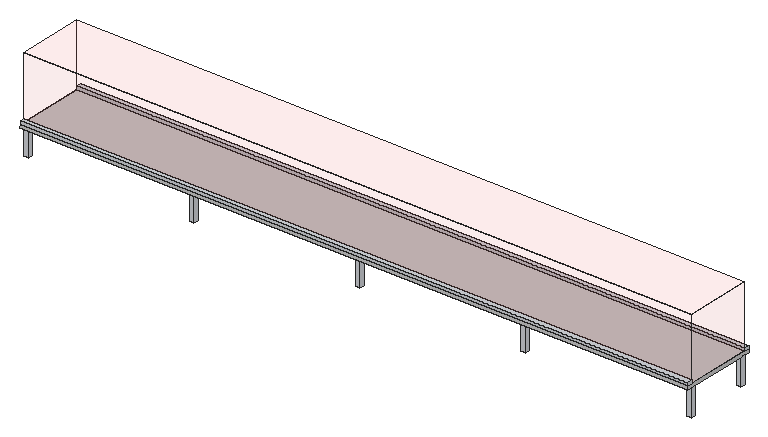
Revit family "Conveyor Family (Draft)", category Specialty Equipment, Revit 2017
Family settings
  Round Connector Dimension = Use Diameter
  Part Type = Normal
  Cut with Voids When Loaded = No
  Shared = No
  Room Calculation Point = No
Parameters
  Space Constraints - Height [instance] = 4' - 8"
  Segments [instance] = [built-in parameter 1001306] / 10' 0"  # 5
  built-in parameter 1001306 [instance] = 50' - 0"
  Leg Width [instance] = 0' - 4"
  Leg Height - Start [instance] = 2' - 0"
  Leg Distance [instance] = 10' - 0"
  Conveyor Thickness [instance] = 0' - 3"
  Conveyor Edge Height [instance] = 0' - 3"
  Conveyor Edge - Width = 0' - 4"
  Clearance Zones - Width [instance] = 5' - 0"
Reference planes (in)
  plane 1 "Center (Front/Back)": y = 0
  plane 2: z = 0
  plane 3 "Left": x = 0
  plane 4 "Right": x = 600
  plane 5: y = 26
  plane 6: y = -26
  plane 7: y = 30
  plane 8: y = -30
  plane 9: x = 4
  plane 10: z = 24
  plane 11: z = 27
  plane 12: y = 34
  plane 13: y = -34
  plane 14: z = 30
  plane 15: z = 83
Forms (in)
  Extrusion 1, solid
    sketch origin (0, -24, 0) x (1, 0, 0) y (0, 1, 0)
      loop
        line (0, 54) -> (0, 50) -> (4, 50) -> (4, 54) -> (0, 54)
    from 0 to 24 <- "Leg Height - Start"
  Extrusion 2, solid
    sketch origin (0, -24, 0) x (1, 0, 0) y (0, 1, 0)
      loop
        line (0, -6) -> (4, -6) -> (4, -2) -> (0, -2) -> (0, -6)
    from 0 to 24 <- "Leg Height - Start"
  Extrusion 3, solid, material "Conveyor - Rollers"
    sketch origin (0, 0, 0) x (0, 1, 0) y (0, 0, 1)
      loop
        line (34, 27) -> (-34, 27) -> (-34, 24) -> (34, 24) -> (34, 27)
    from 0 to 600
  Extrusion 4, solid
    sketch origin (0, 0, 0) x (0, 1, 0) y (0, 0, 1)
      loop
        line (34, 27) -> (34, 30) -> (30, 30) -> (30, 27) -> (34, 27)
    from 0 to 600
  Extrusion 5, solid
    sketch origin (0, 0, 0) x (0, 1, 0) y (0, 0, 1)
      loop
        line (-30, 27) -> (-30, 30) -> (-34, 30) -> (-34, 27) -> (-30, 27)
    from 0 to 600
  Extrusion 6, solid, material "Clearance Zones"
    sketch origin (0, 0, 0) x (0, 1, 0) y (0, 0, 1)
      loop
        line (30, 27) -> (30, 83) -> (-30, 83) -> (-30, 27) -> (30, 27)
    from 0 to 600
  Extrusion 7, solid
    sketch origin (596, -24, 0) x (1, 0, 0) y (0, 1, 0)
      loop
        line (0, 54) -> (0, 50) -> (4, 50) -> (4, 54) -> (0, 54)
    from 0 to 24 <- "Leg Height - Start"
  Extrusion 8, solid
    sketch origin (149, -24, 0) x (1, 0, 0) y (0, 1, 0)
      loop
        line (0, 54) -> (0, 50) -> (4, 50) -> (4, 54) -> (0, 54)
    from 0 to 24 <- "Leg Height - Start"
  Extrusion 9, solid
    sketch origin (298, -24, 0) x (1, 0, 0) y (0, 1, 0)
      loop
        line (0, 54) -> (0, 50) -> (4, 50) -> (4, 54) -> (0, 54)
    from 0 to 24 <- "Leg Height - Start"
  Extrusion 10, solid
    sketch origin (596, -24, 0) x (1, 0, 0) y (0, 1, 0)
      loop
        line (0, -6) -> (4, -6) -> (4, -2) -> (0, -2) -> (0, -6)
    from 0 to 24 <- "Leg Height - Start"
  Extrusion 11, solid
    sketch origin (149, -24, 0) x (1, 0, 0) y (0, 1, 0)
      loop
        line (0, -6) -> (4, -6) -> (4, -2) -> (0, -2) -> (0, -6)
    from 0 to 24 <- "Leg Height - Start"
  Extrusion 12, solid
    sketch origin (298, -24, 0) x (1, 0, 0) y (0, 1, 0)
      loop
        line (0, -6) -> (4, -6) -> (4, -2) -> (0, -2) -> (0, -6)
    from 0 to 24 <- "Leg Height - Start"
  Extrusion 13, solid
    sketch origin (447, -24, 0) x (1, 0, 0) y (0, 1, 0)
      loop
        line (0, 54) -> (0, 50) -> (4, 50) -> (4, 54) -> (0, 54)
    from 0 to 24 <- "Leg Height - Start"
  Extrusion 14, solid
    sketch origin (447, -24, 0) x (1, 0, 0) y (0, 1, 0)
      loop
        line (0, -6) -> (4, -6) -> (4, -2) -> (0, -2) -> (0, -6)
    from 0 to 24 <- "Leg Height - Start"
Lines and regions (in)
  reference lines
    curve 1: line (0, 0, 0) -> (600, 0, 0)
Dimensions and locks (in)
  "built-in parameter 1001306": plane 3 "Left" to plane 4 "Right"
  "Leg Width": plane 3 "Left" to plane 9
  "Leg Width": plane 6 to plane 8
  "Leg Width": plane 7 to plane 5
  "Leg Height - Start": plane 10 to plane 2
  "Conveyor Thickness": plane 11 to plane 10
  "Conveyor Edge Height": plane 14 to plane 11
  plane 7 to plane 8 = 5' - 0"  (x2)
  "Clearance Zones - Width": plane 7 to plane 8
  equal spacing: plane 7, plane 1 "Center (Front/Back)", plane 8
  "Conveyor Edge - Width": plane 12 to plane 7
  "Conveyor Edge - Width": plane 8 to plane 13
  "Space Constraints - Height": plane 15 to plane 11
  equal spacing: group 1, group 3, group 4, group 9, group 2  (x3)
  equal spacing: group 5, group 7, group 8, group 10, group 6  (x3)
  aligned and locked: plane 4 "Right" to curve 1
  aligned and locked: plane 1 "Center (Front/Back)" to curve 1
  aligned and locked: plane 3 "Left" to curve 1
  aligned and locked: level to plane 2
  aligned and locked: plane 6 to Extrusion 2  (x2)
  aligned and locked: Extrusion 1 to plane 5
  aligned and locked: Extrusion 1 to plane 2
  aligned and locked: Extrusion 2 to plane 2
  aligned and locked: plane 2 to Extrusion 1
  aligned and locked: plane 2 to Extrusion 2
  aligned and locked: plane 11 to Extrusion 3 sketch curve
  aligned and locked: plane 12 to Extrusion 3 sketch curve
  aligned and locked: Extrusion 3 sketch curve to plane 10
  aligned and locked: Extrusion 3 sketch curve to plane 13
  aligned and locked: Extrusion 4 sketch curve to Extrusion 3  (x2)
  aligned and locked: Extrusion 4 sketch curve to plane 14
  aligned and locked: plane 7 to Extrusion 4 sketch curve
  aligned and locked: plane 11 to Extrusion 5 sketch curve
  aligned and locked: Extrusion 5 sketch curve to plane 8
  aligned and locked: Extrusion 5 sketch curve to plane 14
  aligned and locked: plane 13 to Extrusion 5 sketch curve
  aligned and locked: Extrusion 3 to plane 4 "Right"
  aligned and locked: plane 4 "Right" to Extrusion 4
  aligned and locked: Extrusion 5 to plane 4 "Right"
  aligned and locked: Extrusion 4 to Extrusion 6 sketch curve
  aligned and locked: Extrusion 6 sketch curve to Extrusion 4
  aligned and locked: Extrusion 6 sketch curve to plane 15
  aligned and locked: plane 8 to Extrusion 6 sketch curve
  aligned and locked: Extrusion 6 to plane 4 "Right"
  aligned and locked: plane 4 "Right" to Extrusion 10
  aligned and locked: plane 4 "Right" to Extrusion 7
Automatic sketch dimensions
  Extrusion 1 sketch curve to Extrusion 1 sketch curve = 0' - 4"  (x2)
  Extrusion 2 sketch curve to Extrusion 2 sketch curve = 0' - 4"  (x2)
  Extrusion 7 sketch curve to Extrusion 7 sketch curve = 0' - 4"  (x2)
  Extrusion 8 sketch curve to Extrusion 8 sketch curve = 0' - 4"  (x2)
  Extrusion 9 sketch curve to Extrusion 9 sketch curve = 0' - 4"  (x2)
  Extrusion 10 sketch curve to Extrusion 10 sketch curve = 0' - 4"  (x2)
  Extrusion 11 sketch curve to Extrusion 11 sketch curve = 0' - 4"  (x2)
  Extrusion 12 sketch curve to Extrusion 12 sketch curve = 0' - 4"  (x2)
  Extrusion 13 sketch curve to Extrusion 13 sketch curve = 0' - 4"  (x2)
  Extrusion 14 sketch curve to Extrusion 14 sketch curve = 0' - 4"  (x2)
